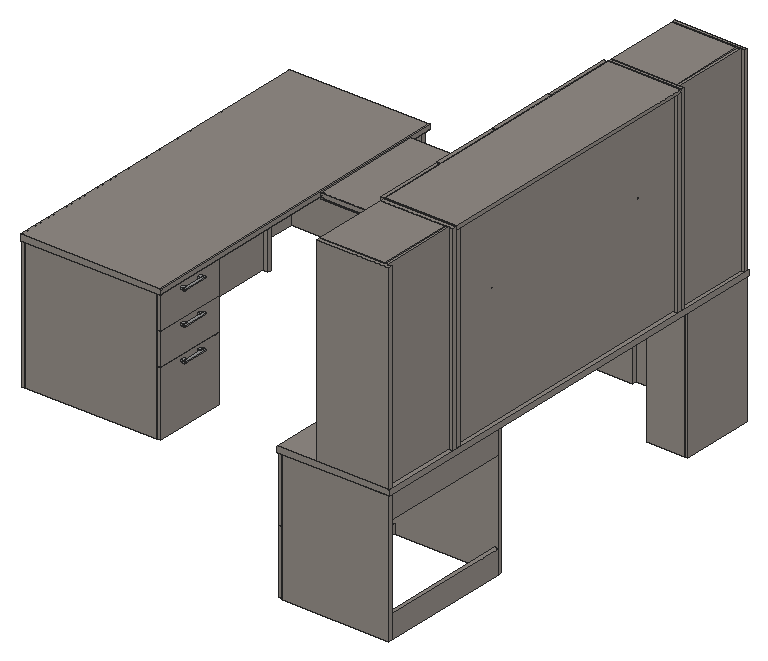
Revit family "JSI-Vision-Typical_Veneer-VSV114", category Furniture, Revit 2020 (continued)
Definition of nested family "JSI-Vision-Single_Pedestal_Desk-Break_Front_Modesty"
  Dimensions and locks (in)
    aligned and locked: plane 18 to Extrusion 4
    aligned and locked: plane 11 to Extrusion 8
    aligned and locked: plane 22 to Extrusion 5
    aligned and locked: Extrusion 9 to plane 22
    aligned and locked: plane 12 to Extrusion 2
    aligned and locked: plane 13 to Extrusion 2
    aligned and locked: Extrusion 10 to plane 13
    aligned and locked: plane 17 to Extrusion 10
    aligned and locked: Extrusion 6 to plane 17
    aligned and locked: plane 25 to Extrusion 3  (x3)
    aligned and locked: curve 5 to Extrusion 8
    aligned and locked: curve 6 to Extrusion 3
    aligned and locked: curve 7 to Extrusion 3
    aligned and locked: curve 8 to Extrusion 3
    aligned and locked: curve 9 to Extrusion 3
    aligned and locked: curve 10 to Extrusion 4
    aligned and locked: Extrusion 1 to plane 7
    aligned and locked: plane 11 to Extrusion 10
    aligned and locked: Extrusion 6 to curve 12
    aligned and locked: curve 13 to Extrusion 10
    aligned and locked: curve 14 to Extrusion 6
    aligned and locked: Extrusion 6 to curve 15
    aligned and locked: curve 16 to Extrusion 10
    aligned and locked: curve 17 to Extrusion 10
    aligned and locked: curve 18 to Extrusion 11
    aligned and locked: curve 19 to Extrusion 11
    aligned and locked: curve 20 to Extrusion 11
    aligned and locked: curve 21 to Extrusion 4
    aligned and locked: Extrusion 4 to curve 22
    aligned and locked: curve 23 to Extrusion 8
    aligned and locked: curve 24 to Extrusion 8
    aligned and locked: curve 4 to cut or joined group of Extrusion 1, Sweep 7, Sweep 12
    aligned and locked: curve 3 to cut or joined group of Extrusion 1, Sweep 7, Sweep 12
    aligned and locked: curve 25 to cut or joined group of Extrusion 1, Sweep 7, Sweep 12
    aligned and locked: Extrusion 9 to curve 26
    aligned and locked: curve 27 to Extrusion 9
    aligned and locked: curve 28 to Extrusion 9
    aligned and locked: nested 4 to plane 5
    aligned and locked: nested 4 to plane 16
    aligned and locked: curve 29 to Extrusion 2
    aligned and locked: curve 30 to Extrusion 2
    aligned and locked: curve 31 to Extrusion 2
    aligned and locked: curve 32 to Extrusion 2
    aligned and locked: Extrusion 4 to Extrusion 8
    aligned and locked: Extrusion 6 to Extrusion 8
    aligned and locked: Extrusion 9 to Extrusion 8
  Automatic sketch dimensions
    curve 23 to plane 18 = 0"
    curve 6 to plane 14 = 0"
    curve 6 to plane 24 = 0"
    curve 22 to plane 22 = 0"
    curve 26 to plane 22 = 0"
    curve 7 to plane 25 = 0"
    curve 5 to plane 11 = 0"
    curve 5 to plane 12 = 0"
    curve 31 to plane 12 = 0"
    curve 19 to plane 23 = 0"
    curve 13 to plane 11 = 0"
    curve 13 to plane 13 = 0"
    curve 32 to plane 13 = 0"
    curve 15 to plane 22 = 0"
    curve 14 to plane 17 = 0"
    curve 2 to plane 5 = 0"
    curve 31 to plane 21 = 0"
    plane 24 to curve 22 = 11/16"
    curve 26 to plane 27 = 1/2"
    plane 12 to curve 28 = 0"
    plane 13 to curve 18 = 3/4"
    curve 15 to plane 26 = 0.624"
    plane 5 to curve 8 = 0.13"
    curve 20 to plane 19 = 0.7459"
    plane 19 to curve 30 = 0.2541"
    curve 17 to plane 11 = 3/4"
    curve 27 to curve 23 = 0"
    Extrusion 1 sketch curve to plane 2 "Center (Left/Right)" = 0"
    Extrusion 1 sketch curve to plane 10 = 0"
    plane 7 to Extrusion 1 sketch curve = 0"
    plane 5 to Extrusion 1 sketch curve = 1/8"
    Extrusion 2 sketch curve to plane 12 = 0"
    Extrusion 2 sketch curve to plane 13 = 0"
    Extrusion 2 sketch curve to plane 21 = 0"
    plane 19 to Extrusion 2 sketch curve = 0.2541"
    Extrusion 3 sketch curve to plane 24 = 0"  (x3)
    Extrusion 3 sketch curve to plane 25 = 0"  (x3)
    level to Extrusion 3 sketch curve = 0.14093"
    Extrusion 3 sketch curve to Extrusion 3 sketch curve = 13 13/16"
    Extrusion 3 sketch curve to Extrusion 3 sketch curve = 1/8"
    Extrusion 3 sketch curve to Extrusion 3 sketch curve = 6 27/32"
    Extrusion 3 sketch curve to Extrusion 3 sketch curve = 0.1255"
    Extrusion 3 sketch curve to plane 4 = 0.10907"
    Extrusion 4 sketch curve to plane 4 = 0"
    Extrusion 4 sketch curve to plane 22 = 0"
    Extrusion 4 sketch curve to level = 0"
    Extrusion 4 sketch curve to plane 11 = 3/4"
    Extrusion 5 sketch curve to level = 0"
    plane 24 to Extrusion 5 sketch curve = 11/16"
    Extrusion 5 sketch curve to plane 27 = 1/2"
    level to Extrusion 5 sketch curve = 1 15/16"
    Extrusion 6 sketch curve to plane 4 = 0"
    Extrusion 6 sketch curve to plane 22 = 0"
    Extrusion 6 sketch curve to level = 0"
    Extrusion 6 sketch curve to plane 11 = 3/4"
    Sweep 7 sketch curve to profile plane = 0"  (x2)
    profile plane to Sweep 7 sketch curve = 1/8"
    Sweep 7 sketch curve to Sweep 7 sketch curve = 15/16"
    Extrusion 8 sketch curve to level = 0"
    plane 18 to Extrusion 8 sketch curve = 0"
    plane 12 to Extrusion 8 sketch curve = 0"
    Extrusion 8 sketch curve to plane 4 = 0"
    Extrusion 9 sketch curve to plane 4 = 0"
    Extrusion 9 sketch curve to plane 22 = 0"
    Extrusion 9 sketch curve to level = 0"
    Extrusion 9 sketch curve to plane 11 = 3/4"
    Extrusion 10 sketch curve to level = 0"
    Extrusion 10 sketch curve to plane 17 = 0"
    Extrusion 10 sketch curve to plane 13 = 0"
    Extrusion 10 sketch curve to plane 4 = 0"
    Extrusion 11 sketch curve to plane 4 = 0"
    Extrusion 11 sketch curve to level = 0"
    Extrusion 11 sketch curve to plane 19 = 0.7459"
    Extrusion 11 sketch curve to plane 11 = 3/4"
    Sweep 12 sketch curve to profile plane = 0"  (x2)
    profile plane to Sweep 12 sketch curve = 1/8"
    Sweep 12 sketch curve to Sweep 12 sketch curve = 15/16"
  Nested families (in)
    nested 1: "Bar Pull" at (-28.12663, -19.12, 13.20292), Pull Finish <- "Pull Finish", type "PL"
      with Pull Finish none
    nested 2: "Bar Pull" at (-28.12663, -19.12, 20.171), Pull Finish <- "Pull Finish", type "PL"
      with Pull Finish none
    nested 3: "Bar Pull" at (-28.12663, -19.12, 27.14116), Pull Finish <- "Pull Finish", type "PL"
      with Pull Finish none
    nested 4: "Label 1-16-1" at (-28.12663, -19.25, 0), type "DRWCFG"
  Definition of nested family "Bar Pull"
    Parameters
      Pull Finish [instance] = none
      Default Elevation = 0"
    Reference planes (in)
      plane 1 "Center Front/Back": y = 0
      plane 2: z = 0
      plane 3 "Center Left/Right": x = 0
      plane 4: x = -2.68731
      plane 5: x = -1.88731
      plane 6: x = 2.68731
      plane 7: x = 1.88731
      plane 8: y = -1
      plane 9: y = -0.85202
    Forms (in)
      Extrusion 1, solid, material <- "Pull Finish"
        sketch origin (0, 0, 0) x (0, 1, 0) y (0, 0, 1)
          loop
            line (0, -0.2015) -> (0, 0.2015) -> (-0.85202, 0.2015)
            arc (-0.85202, 0.2015) -> (-0.75, 0) -> (-0.85202, -0.2015) r 0.25
            line (-0.85202, -0.2015) -> (0, -0.2015)
        from 1.88731 to 2.68731
      Extrusion 2, solid, material <- "Pull Finish"
        sketch origin (0, 0, 0) x (0, 1, 0) y (0, 0, 1)
          loop
            circle (-1, 0) r 0.25
        from -2.68731 to 2.68731
      Extrusion 3, solid, material <- "Pull Finish"
        sketch origin (0, 0, 0) x (0, 1, 0) y (0, 0, -1)
          loop
            line (0, 0.2015) -> (-0.85202, 0.2015)
            arc (-0.85202, 0.2015) -> (-0.75, 0) -> (-0.85202, -0.2015) r 0.25
            line (-0.85202, -0.2015) -> (0, -0.2015) -> (0, 0.2015)
        from 1.88731 to 2.68731
    Dimensions and locks (in)
      plane 4 to plane 5 to plane 3 "Center Left/Right" to plane 7 to plane 6 = 0.8" locked, 1.88731" locked, 1.88731" locked, 0.8" locked
      plane 8 to plane 9 to plane 1 "Center Front/Back" = 0.14798" locked, 0.85202" locked
      aligned and locked: level to plane 2
      aligned and locked: plane 4 to Extrusion 3
      aligned and locked: Extrusion 3 to plane 5
      aligned and locked: plane 4 to Extrusion 2
      aligned and locked: Extrusion 1 to plane 7
      aligned and locked: plane 6 to Extrusion 1
      aligned and locked: plane 6 to Extrusion 2
      aligned and locked: plane 8 to Extrusion 2 sketch curve
      aligned and locked: Extrusion 3 to plane 1 "Center Front/Back"
      aligned and locked: Extrusion 1 to plane 1 "Center Front/Back"
      aligned and locked: plane 5 to Extrusion 3
      aligned and locked: Extrusion 3 to plane 4
      aligned and locked: Extrusion 2 to plane 4
      aligned and locked: plane 7 to Extrusion 1
      aligned and locked: Extrusion 1 to plane 6
      aligned and locked: Extrusion 2 to plane 6
  Definition of nested family "Label 1-16-1"
    Parameters
      Width = 1"
      Model Name = "BBF"
    Reference planes (in)
      plane 1: y = 0
      plane 2: x = 0
    Text (in)
      label "XX" at (0.00051, -0.12324, 0), shows "Model Name"
Definition of nested family "JSI-Vision-Support_Rail_Work_Surface"
  Parameters (values of type "GP0243SB, Metal Support Rail for Work Surface  2W 43 L 3/4H")
    Width = 43"
    URL = "www.jsifurniture.com"
    Type Comments = ""
    Series = "Vision Casegoods"  # constant formula
    Support Finish = none
    Model = "GP0243SB"
    Material = ""
    Manufacturer = "JSI"  # constant formula
    Keynote = "12500"  # constant formula
    JSI Enviromental Website = "http://www.jsifurniture.com/jsi_sustainability_intro.php"
    Height = 25/32"
    Description = "Metal Support Rail for Work Surface  2W 43 L 3/4H"
    Depth = 2"
    Default Elevation = 0"
    Assembly Code = "E2020200"
  Types (3): name | Width | Model | Description
    GP0243SB, Metal Support Rail for Work Surface  2W 43 L 3/4H | 43" | "GP0243SB" | "Metal Support Rail for Work Surface  2W 43 L 3/4H"
    GP0249SB, Metal Support Rail for Work Surface  2W49 L 3/4H | 49" | "GP0249SB" | "Metal Support Rail for Work Surface  2W49 L 3/4H"
    GP0255SB, Metal Support Rail for Work Surface  2W 55 L 3/4H | 55" | "GP0255SB" | "Metal Support Rail for Work Surface  2W 55 L 3/4H"
  Reference planes (in)
    plane 1 "Center Front/Back": y = 0
    plane 2: z = 0
    plane 3 "Center Left/Right": x = 0
    plane 4: z = 0
    plane 5: z = 27.81222
    plane 6: x = 43
    plane 7: y = -2
  Forms (in)
    Extrusion 1, solid, material <- "Support Finish"
      sketch origin (0, 0, 0) x (0, 1, 0) y (0, 0, 1)
        loop
          line (0, 27.74972) -> (0, 27.81222) -> (-0.53345, 27.81222) -> (-1, 27.11239) -> (-1.46655, 27.81222) -> (-2, 27.81222) -> (-2, 27.74972) -> (-1.5, 27.74972) -> (-1.04048, 27.06043)
          arc (-1.04048, 27.06043) -> (-1, 27.03877) -> (-0.95952, 27.06043) r 0.04865
          line (-0.95952, 27.06043) -> (-0.5, 27.74972) -> (0, 27.74972)
      from 0 to 43
  Lines and regions (in)
    symbolic lines
      curve 1: line (0, 0, 0) -> (43, 0, 0)
      curve 2: line (0, -2, 0) -> (0, 0, 0)
      curve 3: line (43, -2, 0) -> (0, -2, 0)
      curve 4: line (43, 0, 0) -> (43, -2, 0)
      curve 5: line (0, -1.46655, 0) -> (43, -1.46655, 0)
      curve 6: line (43, -0.53345, 0) -> (0, -0.53345, 0)
      curve 7: line (0, -1, 0) -> (43, -1, 0)
  Dimensions and locks (in)
    "Width": plane 3 "Center Left/Right" to plane 6
    "Depth": plane 1 "Center Front/Back" to plane 7
    aligned and locked: level to plane 2
    aligned and locked: plane 4 to plane 2
    aligned and locked: Extrusion 1 to plane 3 "Center Left/Right"
    aligned and locked: plane 6 to Extrusion 1
    aligned and locked: plane 3 "Center Left/Right" to curve 2
    aligned and locked: curve 4 to plane 6
    aligned and locked: plane 1 "Center Front/Back" to curve 1
    aligned and locked: plane 7 to curve 3
    aligned and locked: curve 5 to Extrusion 1
    aligned and locked: curve 6 to Extrusion 1
    aligned and locked: curve 7 to Extrusion 1
  Automatic sketch dimensions
    Extrusion 1 sketch curve to plane 7 = 0"
    Extrusion 1 sketch curve to plane 5 = 0"  (x2)
    Extrusion 1 sketch curve to plane 1 "Center Front/Back" = 0"
    Extrusion 1 sketch curve to plane 5 = 1/16"  (x2)
    Extrusion 1 sketch curve to Extrusion 1 sketch curve = 1/2"
    Extrusion 1 sketch curve to Extrusion 1 sketch curve = 0.03345"  (x2)
    Extrusion 1 sketch curve to Extrusion 1 sketch curve = 0.45952"
    Extrusion 1 sketch curve to Extrusion 1 sketch curve = 0.04048"  (x2)
    Extrusion 1 sketch curve to Extrusion 1 sketch curve = 0"
    Extrusion 1 sketch curve to Extrusion 1 sketch curve = 0.53345"
    Extrusion 1 sketch curve to plane 5 = 0.69983"
    Extrusion 1 sketch curve to Extrusion 1 sketch curve = 0.02498"
    Extrusion 1 sketch curve to Extrusion 1 sketch curve = 0.02698"
Definition of nested family "JSI-Vision-Bridge_Modesty_Panel"
  Parameters (values of type "VST2048EB, Bridge w/Modesty Panel 20"d x 48"w")
    Top Finish = none
    Panel Finish = none
    Width = 48"
    URL = "www.jsifurniture.com"
    Type Comments = ""
    Series = "Vision Casegoods"  # constant formula
    Model = "VST2048EB"
    Material = ""
    Manufacturer = "JSI"  # constant formula
    Keynote = "12500"  # constant formula
    JSI Enviromental Website = "http://www.jsifurniture.com/jsi_sustainability_intro.php"
    Height = 29 3/16"
    Description = "Bridge w/Modesty Panel 20\"d x 48\"w Laminate"
    Depth = 20"
    Default Elevation = 0"
    Assembly Code = "E2020200"
  Types (4): name | Model | Description | Depth
    VST2048EB, Bridge w/Modesty Panel 20"d x 48"w | "VST2048EB" | "Bridge w/Modesty Panel 20\"d x 48\"w Laminate" | 20"
    VST2448EB, Bridge w/Modesty Panel 24"d x 48"w | "VST2448EB" | "Bridge w/Modesty Panel 24\"d x 48\"w Laminate" | 24"
    VSV2048EB, Bridge w/Modesty Panel 20"d x 48"w | "VSV2048EB" | "Bridge w/Modesty Panel 20\"d x 48\"w Veneer" | 20"
    VSV2448EB, Bridge w/Modesty Panel 24"d x 48"w | "VSV2448EB" | "Bridge w/Modesty Panel 24\"d x 48\"w Veneer" | 24"
  Reference planes (in)
    plane 1 "Center Front/Back": y = 0
    plane 2: z = 0
    plane 3 "Center Left/Right": x = 0
    plane 4: z = 28
    plane 5: x = 48
    plane 6: z = 29.1875
    plane 7: y = -20
    plane 8: y = -0.875
    plane 9: y = -1.6875
  Forms (in)
    Extrusion 1, solid, material <- "Top Finish"
      sketch origin (0, 0, -0.05243) x (0, 1, 0) y (0, 0, 1)
        loop
          line (0, 29.23993) -> (-19.87345, 29.23993)
          arc (-19.87345, 29.23993) -> (-19.96294, 29.20286) -> (-20, 29.11338) r 0.12655
          line (-20, 29.11338) -> (-20, 28.17743)
          arc (-20, 28.17743) -> (-19.96339, 28.08904) -> (-19.875, 28.05243) r 0.125
          line (-19.875, 28.05243) -> (0, 28.05243) -> (0, 29.23993)
      from 0 to 48
    Extrusion 2, solid, material <- "Panel Finish"
      sketch origin (0, 0, -0.05243) x (1, 0, 0) y (0, 1, 0)
        loop
          line (-0.87503, -0.875) -> (-0.87503, -1.6875) -> (48.87504, -1.6875) -> (48.87504, -0.875) -> (-0.87503, -0.875)
      from 0.05243 to 28.05243
  Lines and regions (in)
    symbolic lines
      curve 1: line (0, 0, 0) -> (48, 0, 0)
      curve 2: line (0, -20, 0) -> (0, 0, 0)
      curve 3: line (48, -20, 0) -> (0, -20, 0)
      curve 4: line (48, 0, 0) -> (48, -20, 0)
      curve 7: line (-0.87503, -0.875, 0) -> (-0.87503, -1.6875, 0)
      curve 8: line (-0.87503, -0.875, 0) -> (0, -0.875, 0)
      curve 9: line (-0.87503, -1.6875, 0) -> (0, -1.6875, 0)
      curve 10: line (48.87504, -0.875, 0) -> (48.87504, -1.6875, 0)
      curve 11: line (48.87504, -0.875, 0) -> (48, -0.875, 0)
      curve 12: line (48.87504, -1.6875, 0) -> (48, -1.6875, 0)
    symbolic lines, detail levels medium+fine
      curve 5: line (0, -0.875, 0) -> (48, -0.875, 0)
      curve 6: line (0, -1.6875, 0) -> (48, -1.6875, 0)
  Dimensions and locks (in)
    "Width": plane 3 "Center Left/Right" to plane 5
    "Depth": plane 7 to plane 1 "Center Front/Back"
    locked: plane 6 to plane 4 at 1.1875
    plane 1 "Center Front/Back" to plane 8 to plane 9 = 7/8" locked, 13/16" locked
    "Height": plane 6 to plane 2
    aligned and locked: level to plane 2
    aligned and locked: plane 1 "Center Front/Back" to Extrusion 1 sketch curve
    aligned and locked: plane 7 to Extrusion 1 sketch curve
    aligned and locked: Extrusion 1 sketch curve to plane 6
    aligned and locked: plane 4 to Extrusion 1 sketch curve
    aligned and locked: Extrusion 1 to plane 3 "Center Left/Right"
    aligned and locked: plane 5 to Extrusion 1
    aligned and locked: Extrusion 2 to plane 2
    aligned and locked: plane 4 to Extrusion 2
    aligned and locked: plane 3 "Center Left/Right" to curve 2
    aligned and locked: curve 4 to plane 5
    aligned and locked: plane 7 to curve 3
    aligned and locked: plane 1 "Center Front/Back" to curve 1
    aligned and locked: plane 5 to curve 5
    aligned and locked: plane 3 "Center Left/Right" to curve 5
    aligned and locked: curve 5 to plane 8
    aligned and locked: curve 6 to plane 9
    aligned and locked: curve 7 to Extrusion 2
    aligned and locked: curve 9 to Extrusion 2
    aligned and locked: curve 11 to Extrusion 2
    aligned and locked: curve 12 to Extrusion 2
  Automatic sketch dimensions
    Extrusion 1 sketch curve to plane 6 = 0.12655"
    plane 4 to Extrusion 1 sketch curve = 1/8"
    Extrusion 2 sketch curve to plane 9 = 0"
    Extrusion 2 sketch curve to plane 8 = 0"
    Extrusion 2 sketch curve to plane 3 "Center Left/Right" = 0.87503"
    plane 5 to Extrusion 2 sketch curve = 0.87504"
    curve 7 to plane 8 = 0"
    curve 5 to curve 10 = 0.87504"
